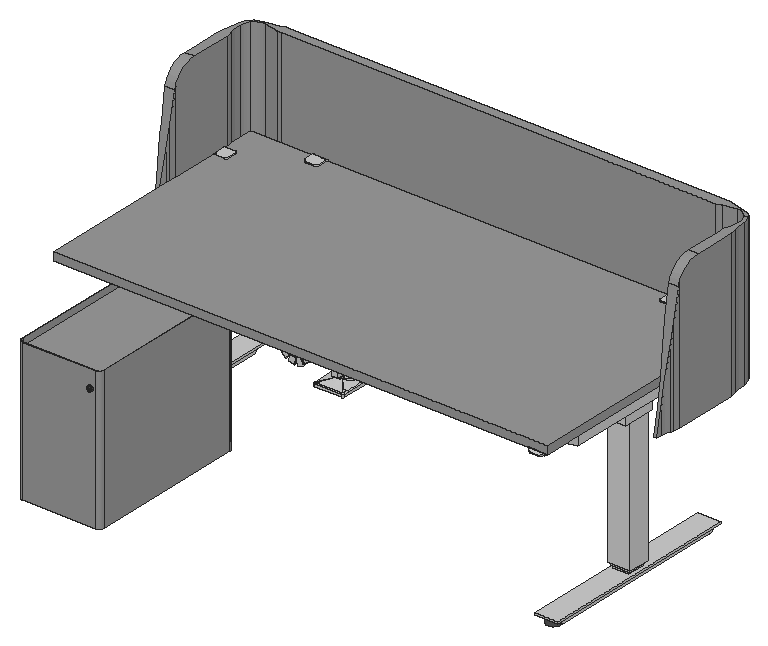
Revit family "Haworth_HiYa_MotorDriven_Rectangle_Desk_EU_PRELIMINARY", category Furniture Systems, Revit 2018 (continued)
Definition of nested family "Haworth_MobilePedestal_EU_PRELIMINARY"
  Automatic sketch dimensions
    Extrusion 22 sketch curve to Extrusion 22 sketch curve = 0.9281 cm
    Extrusion 22 sketch curve to plane 11 = 1.4156 cm
    Extrusion 22 sketch curve to Extrusion 22 sketch curve = 0.4034 cm
    Extrusion 22 sketch curve to plane 11 = 1.3981 cm
    Extrusion 22 sketch curve to Extrusion 22 sketch curve = 0.1686 cm
    Extrusion 22 sketch curve to Extrusion 22 sketch curve = 0.2094 cm
    Extrusion 22 sketch curve to Extrusion 22 sketch curve = 0.0076 cm
    Extrusion 23 sketch curve to plane 11 = 1.4071 cm
    Extrusion 23 sketch curve to plane 13 = 9.9862 cm
    Extrusion 24 sketch curve to plane 11 = 1.4071 cm
    Extrusion 24 sketch curve to plane 13 = 9.9862 cm
    level to Extrusion 25 sketch curve = 0.9929 cm
    Extrusion 25 sketch curve to plane 13 = 8.6116 cm
    Extrusion 25 sketch curve to Extrusion 25 sketch curve = 0.1304 cm
    Extrusion 25 sketch curve to Extrusion 25 sketch curve = 1.2352 cm
    Extrusion 25 sketch curve to Extrusion 25 sketch curve = 0.005 cm
    Extrusion 25 sketch curve to Extrusion 25 sketch curve = 0.9281 cm
    Extrusion 25 sketch curve to plane 11 = 1.4156 cm
    Extrusion 25 sketch curve to Extrusion 25 sketch curve = 0.4034 cm
    Extrusion 25 sketch curve to plane 11 = 1.3981 cm
    Extrusion 25 sketch curve to Extrusion 25 sketch curve = 0.1686 cm
    Extrusion 25 sketch curve to Extrusion 25 sketch curve = 0.0076 cm
    Extrusion 25 sketch curve to Extrusion 25 sketch curve = 0.2094 cm
    Extrusion 26 sketch curve to plane 8 "Left" = 0.365 cm
    Extrusion 26 sketch curve to plane 8 "Left" = 0.0848 cm
    Extrusion 26 sketch curve to plane 8 "Left" = 0.076 cm
    plane 8 "Left" to Extrusion 26 sketch curve = 0.2656 cm
    Extrusion 26 sketch curve to plane 12 = 1.5938 cm
    Extrusion 26 sketch curve to Extrusion 26 sketch curve = 0.0805 cm
    Extrusion 27 sketch curve to plane 8 "Left" = 0.365 cm
    Extrusion 27 sketch curve to plane 8 "Left" = 0.0848 cm
    Extrusion 27 sketch curve to plane 8 "Left" = 0.076 cm
    plane 8 "Left" to Extrusion 27 sketch curve = 0.2656 cm
    Extrusion 27 sketch curve to plane 12 = 1.5938 cm
    Extrusion 27 sketch curve to Extrusion 27 sketch curve = 0.0805 cm
    Masking region 1 sketch curve to plane 8 "Left" = 0 cm
    Masking region 1 sketch curve to plane 10 = 0 cm
    Masking region 1 sketch curve to plane 9 = 0 cm
    Masking region 1 sketch curve to plane 12 = 0 cm
    Masking region 1 sketch curve to plane 13 = 0 cm
    Masking region 1 sketch curve to plane 5 "Back" = 0 cm
    Masking region 1 sketch curve to plane 10 = 0.1262 cm
    Masking region 1 sketch curve to plane 9 = 0.0655 cm
    plane 12 to Masking region 1 sketch curve = 0.085 cm
    Masking region 1 sketch curve to plane 13 = 0.1195 cm
    Extrusion 28 sketch curve to plane 8 "Left" = 0.0007 cm
    plane 8 "Left" to Extrusion 28 sketch curve = 0.3066 cm
    plane 10 to Extrusion 28 sketch curve = 0.255 cm
    Extrusion 28 sketch curve to Extrusion 28 sketch curve = 0.0103 cm
    plane 6 "Front" to Extrusion 28 sketch curve = 0.0243 cm
    plane 9 to Extrusion 28 sketch curve = 0.2387 cm
    Extrusion 28 sketch curve to Extrusion 28 sketch curve = 0.1069 cm
    Extrusion 28 sketch curve to plane 7 "Right" = 0.2056 cm
    Extrusion 28 sketch curve to plane 7 "Right" = 0.0155 cm
    Extrusion 28 sketch curve to Extrusion 28 sketch curve = 0.3057 cm
    plane 6 "Front" to Extrusion 28 sketch curve = 1.65 cm  (x2)
    Extrusion 28 sketch curve to Extrusion 28 sketch curve = 0 cm
    radius of Extrusion 2 sketch curve = 0.7 cm
    radius of Extrusion 2 sketch curve = 0.6 cm
    radius of Extrusion 4 sketch curve = 1.5 cm
    radius of Extrusion 5 sketch curve = 1.5 cm
    radius of Extrusion 10 sketch curve = 0.8 cm  (x2)
    radius of Extrusion 14 sketch curve = 0.8 cm  (x2)
    radius of Extrusion 17 sketch curve = 1.5 cm
    radius of Extrusion 18 sketch curve = 1.5 cm
    radius of Extrusion 20 sketch curve = 1.5 cm
    radius of Extrusion 21 sketch curve = 1.5 cm
    radius of Extrusion 23 sketch curve = 1.5 cm
    radius of Extrusion 24 sketch curve = 1.5 cm
Definition of nested family "Haworth_ActiveComponents_SuspendedPedestal"
  Parameters (values of type "Open Box With Storage")
    Warranty = "http://www.haworth.com/resources/product-info/warranties"
    URL - Product = "http://www.haworth.com/products/workspaces/accessories/active-components"
    URL = "http://www.haworth.com/"
    Type Comments = ""
    Top Height = 5.08 cm  # constant formula
    Sustainability Info = "http://www.haworth.com/company-info/sustainablility"
    Size = "Verify Final Dim. w/ Haworth"  # constant formula
    Shelf Height = 1.27 cm  # constant formula
    Revision Number = "1"  # constant formula
    Panel Thickness = 0.1588 cm  # constant formula
    Open with Box Drawer = yes
    Open = no
    Mounted Height = 70.485 cm  # constant formula
    Model = "AHPD-1809-S"
    Manufacturer = "Haworth"  # constant formula
    Drawer Visibility = or(Open with Box Drawer, Box File)  # yes
    Drawer Height = if(Box File, 44.1325 cm, 7.62 cm)  # 7.62 cm
    Drawer Finish [instance] = none
    Description = "Haworth Active Components Suspended Pedestal - Open with Box Drawer"
    Case Finish [instance] = none
    Case Bottom Panel Finish [instance] = none
    Box File = not(or(Open with Box Drawer, Open))  # no
    Author = "Haworth (Hampton)"  # constant formula
    Assembly Code = "E2020200"
    Actual Width = 23.6538 cm  # constant formula
    Actual Height = 50.8 cm  # constant formula
    Actual Depth = 43.18 cm  # constant formula
  Types (3, lengths in cm): name | Open with Box Drawer | Open | Model | Drawer Visibility | Drawer Height | Description | Box File
    Open Box With Storage | yes | no | "AHPD-1809-S" | yes | 7.62 | "Haworth Active Components Suspended Pedestal - Open with Box Drawer" | no
    Open | no | yes | "AHPZ-1809-S" | no | 7.62 | "Haworth Active Components Suspended Pedestal - Open" | no
    Box File | no | no | "AHPA-1809-S" | yes | 44.1325 | "Haworth Active Components Suspended Pedestal - Box File" | yes
  Reference planes (cm)
    plane 1 "Back": y = -4.445
    plane 2: z = 0
    plane 3 "Center L/R": x = 0
    plane 4 "Left": x = -11.8269
    plane 5 "Right": x = 11.8269
    plane 6 "Back of Drawer": y = -45.72
    plane 7 "Front": y = -47.625
    plane 8 "Top": z = 70.485
    plane 9 "Bottom of Cabinet": z = 0
    plane 10 "Left Inside": x = -11.6681
    plane 11 "Right Inside": x = 11.6681
    plane 12: z = 19.685
    plane 13 "Back Inside": y = -4.6038
    plane 14: z = 65.405
    plane 15: z = 20.955
    plane 16: z = 57.785
    plane 17: y = -46.0375
    plane 18: y = -47.4663
    plane 19: y = -47.3075
    plane 20: y = -27.7317
    plane 21: y = -27.573
    plane 22: y = -6.3005
    plane 23: y = -6.1417
    plane 24: z = 70.3263
    plane 25: y = -24.7155
    plane 26: y = -9.158
    plane 27: z = 63.5
    plane 28: z = 63.3412
    plane 29: z = 57.9438
  Forms (cm)
    Extrusion 1, solid, material <- "Case Finish"
      sketch origin (0, 0, 0) x (1, 0, 0) y (0, 1, 0)
        loop
          line (-11.8269, -45.72) -> (-11.6681, -45.72) -> (-11.6681, -5.715)
          arc (-11.6681, -5.715) -> (-11.3426, -4.9292) -> (-10.5569, -4.6038) r 1.1113
          line (-10.5569, -4.6038) -> (10.5569, -4.6038)
          arc (10.5569, -4.6038) -> (11.3426, -4.9292) -> (11.6681, -5.715) r 1.1113
          line (11.6681, -5.715) -> (11.6681, -45.72) -> (11.8269, -45.72) -> (11.8269, -5.715)
          arc (11.8269, -5.715) -> (11.4549, -4.817) -> (10.5569, -4.445) r 1.27
          line (10.5569, -4.445) -> (-10.5569, -4.445)
          arc (-10.5569, -4.445) -> (-11.4549, -4.817) -> (-11.8269, -5.715) r 1.27
          line (-11.8269, -5.715) -> (-11.8269, -45.72)
      from 19.685 to 65.405
    Extrusion 2, solid, material <- "Case Bottom Panel Finish"
      sketch origin (0, 0, 0) x (1, 0, 0) y (0, 1, 0)
        loop
          arc (-10.5569, -4.6038) -> (-11.3426, -4.9292) -> (-11.6681, -5.715) r 1.1113
          line (-11.6681, -5.715) -> (-11.6681, -46.1963)
          arc (-11.6681, -46.1963) -> (-11.3426, -46.982) -> (-10.5569, -47.3075) r 1.1113
          line (-10.5569, -47.3075) -> (10.5569, -47.3075)
          arc (10.5569, -47.3075) -> (11.3426, -46.982) -> (11.6681, -46.1963) r 1.1113
          line (11.6681, -46.1963) -> (11.6681, -5.715)
          arc (11.6681, -5.715) -> (11.3426, -4.9292) -> (10.5569, -4.6038) r 1.1113
          line (10.5569, -4.6038) -> (-10.5569, -4.6038)
      from 19.685 to 20.955
    Extrusion 3, solid, material <- "Drawer Finish", visible <- "Drawer Visibility"
      sketch origin (0, 0, 0) x (1, 0, 0) y (0, 1, 0)
        loop
          line (-11.8269, -46.0375) -> (-11.8269, -46.355)
          arc (-11.8269, -46.355) -> (-11.4549, -47.253) -> (-10.5569, -47.625) r 1.27
          line (-10.5569, -47.625) -> (10.5569, -47.625)
          arc (10.5569, -47.625) -> (11.4549, -47.253) -> (11.8269, -46.355) r 1.27
          line (11.8269, -46.355) -> (11.8269, -46.0375) -> (11.6681, -46.0375) -> (11.6681, -46.355)
          arc (11.6681, -46.355) -> (11.3426, -47.1408) -> (10.5569, -47.4663) r 1.1113
          line (10.5569, -47.4663) -> (-10.5569, -47.4663)
          arc (-10.5569, -47.4663) -> (-11.3426, -47.1408) -> (-11.6681, -46.355) r 1.1113
          line (-11.6681, -46.355) -> (-11.6681, -46.0375) -> (-11.8269, -46.0375)
      from 57.785 to 65.405
    Extrusion 4, solid, material <- "Case Finish"
      sketch origin (0, 0, 0) x (0, 1, 0) y (0, 0, 1)
        loop
          line (-27.573, 63.5) -> (-27.573, 70.3263) -> (-24.7155, 70.3263) -> (-24.7155, 70.485) -> (-27.7317, 70.485) -> (-27.7317, 63.5) -> (-27.573, 63.5)
        loop
          line (-6.3005, 63.5) -> (-6.1417, 63.5) -> (-6.1417, 70.485) -> (-9.158, 70.485) -> (-9.158, 70.3263) -> (-6.3005, 70.3263) -> (-6.3005, 63.5)
      from -11.6681 to 11.6681
    Extrusion 5, solid, material <- "Case Finish", visible <- "Drawer Visibility"
      sketch origin (0, 0, 0) x (1, 0, 0) y (0, 1, 0)
        loop
          arc (-10.5569, -4.6038) -> (-11.3426, -4.9292) -> (-11.6681, -5.715) r 1.1113
          line (-11.6681, -5.715) -> (-11.6681, -46.1963)
          arc (-11.6681, -46.1963) -> (-11.3426, -46.982) -> (-10.5569, -47.3075) r 1.1113
          line (-10.5569, -47.3075) -> (10.5569, -47.3075)
          arc (10.5569, -47.3075) -> (11.3426, -46.982) -> (11.6681, -46.1963) r 1.1113
          line (11.6681, -46.1963) -> (11.6681, -5.715)
          arc (11.6681, -5.715) -> (11.3426, -4.9292) -> (10.5569, -4.6038) r 1.1113
          line (10.5569, -4.6038) -> (-10.5569, -4.6038)
      from 57.785 to 57.9438
    Extrusion 6, solid, material <- "Case Finish"
      sketch origin (0, 0, 0) x (1, 0, 0) y (0, 1, 0)
        loop
          arc (-10.5569, -4.6038) -> (-11.3426, -4.9292) -> (-11.6681, -5.715) r 1.1113
          line (-11.6681, -5.715) -> (-11.6681, -46.1963)
          arc (-11.6681, -46.1963) -> (-11.3426, -46.982) -> (-10.5569, -47.3075) r 1.1113
          line (-10.5569, -47.3075) -> (10.5569, -47.3075)
          arc (10.5569, -47.3075) -> (11.3426, -46.982) -> (11.6681, -46.1963) r 1.1113
          line (11.6681, -46.1963) -> (11.6681, -5.715)
          arc (11.6681, -5.715) -> (11.3426, -4.9292) -> (10.5569, -4.6038) r 1.1113
          line (10.5569, -4.6038) -> (-10.5569, -4.6038)
      from 63.3412 to 63.5
  Lines and regions (cm)
    Masking region 1
      outline origin (0, 0, 0) x (1, 0, 0) y (0, 1, 0)
        loop
          arc (-10.5569, -4.445) -> (-11.4549, -4.817) -> (-11.8269, -5.715) r 1.27
          line (-11.8269, -5.715) -> (-11.8269, -46.355)
          arc (-11.8269, -46.355) -> (-11.4549, -47.253) -> (-10.5569, -47.625) r 1.27
          line (-10.5569, -47.625) -> (10.5569, -47.625)
          arc (10.5569, -47.625) -> (11.4549, -47.253) -> (11.8269, -46.355) r 1.27
          line (11.8269, -46.355) -> (11.8269, -5.715)
          arc (11.8269, -5.715) -> (11.4549, -4.817) -> (10.5569, -4.445) r 1.27
          line (10.5569, -4.445) -> (-10.5569, -4.445)
    symbolic lines, visible <- "Drawer Visibility", detail levels fine
      curve 1: line (-10.5569, -50.165, 0) -> (10.3981, -50.165, 0)
    symbolic lines, detail levels fine
      curve 2: line (-11.8269, -46.0375, 0) -> (11.8269, -46.0375, 0)
  Dimensions and locks (cm)
    "Actual Width": plane 4 "Left" to plane 5 "Right"
    equal spacing: plane 4 "Left", plane 3 "Center L/R", plane 5 "Right"
    "Mounted Height": plane 8 "Top" to level
    "Panel Thickness": plane 10 "Left Inside" to plane 4 "Left"
    "Panel Thickness": plane 5 "Right" to plane 11 "Right Inside"
    "Actual Depth": plane 1 "Back" to plane 7 "Front"
    "Actual Height": plane 8 "Top" to plane 12
    "Panel Thickness": plane 13 "Back Inside" to plane 1 "Back"
    "Top Height": plane 8 "Top" to plane 14
    "Drawer Height": plane 14 to plane 16
    "Panel Thickness": plane 18 to plane 7 "Front"
    "Panel Thickness": plane 19 to plane 18
    aligned and locked: level to plane 2
    aligned and locked: plane 9 "Bottom of Cabinet" to level
    aligned and locked: plane 14 to Extrusion 1
    aligned and locked: plane 19 to Extrusion 2 sketch curve
    aligned and locked: plane 10 "Left Inside" to Extrusion 2 sketch curve
    aligned and locked: Extrusion 2 sketch curve to plane 11 "Right Inside"
    aligned and locked: Extrusion 2 sketch curve to plane 13 "Back Inside"
    aligned and locked: plane 15 to Extrusion 2
    aligned and locked: plane 14 to Extrusion 3
    aligned and locked: Extrusion 3 to plane 16
    aligned and locked: Extrusion 4 to plane 10 "Left Inside"
    aligned and locked: Extrusion 6 to plane 27
    aligned and locked: plane 28 to Extrusion 6
    aligned and locked: plane 29 to Extrusion 5
    aligned and locked: Extrusion 5 to plane 16
    aligned and locked: Extrusion 2 to plane 15
    aligned and locked: Extrusion 2 to plane 12
  Automatic sketch dimensions
    Extrusion 1 sketch curve to Extrusion 1 sketch curve = 0 cm  (x4)
    Extrusion 1 sketch curve to plane 4 "Left" = 0 cm
    Extrusion 1 sketch curve to plane 6 "Back of Drawer" = 0 cm  (x2)
    Extrusion 1 sketch curve to plane 10 "Left Inside" = 0 cm
    plane 1 "Back" to Extrusion 1 sketch curve = 0 cm
    Extrusion 1 sketch curve to plane 11 "Right Inside" = 0 cm
    plane 10 "Left Inside" to Extrusion 1 sketch curve = 1.1112 cm
    Extrusion 1 sketch curve to plane 23 = 0.4267 cm
    plane 10 "Left Inside" to Extrusion 2 sketch curve = 1.1112 cm
    Extrusion 2 sketch curve to plane 23 = 0.4267 cm
    Extrusion 2 sketch curve to plane 11 "Right Inside" = 1.1112 cm
    Extrusion 2 sketch curve to plane 17 = 0.1587 cm
    Extrusion 3 sketch curve to Extrusion 3 sketch curve = 0 cm  (x4)
    Extrusion 3 sketch curve to plane 4 "Left" = 0 cm
    Extrusion 3 sketch curve to plane 10 "Left Inside" = 0 cm
    Extrusion 3 sketch curve to plane 7 "Front" = 0 cm
    Extrusion 3 sketch curve to plane 11 "Right Inside" = 0 cm
    Extrusion 3 sketch curve to plane 17 = 0 cm  (x2)
    Extrusion 3 sketch curve to plane 17 = 0.3175 cm
    Extrusion 3 sketch curve to plane 11 "Right Inside" = 1.1112 cm
    Extrusion 4 sketch curve to plane 20 = 0 cm
    Extrusion 4 sketch curve to plane 21 = 0 cm
    Extrusion 4 sketch curve to plane 24 = 0 cm  (x2)
    Extrusion 4 sketch curve to plane 25 = 0 cm
    Extrusion 4 sketch curve to plane 8 "Top" = 0 cm  (x2)
    Extrusion 4 sketch curve to plane 26 = 0 cm
    Extrusion 4 sketch curve to plane 22 = 0 cm
    Extrusion 4 sketch curve to plane 23 = 0 cm
    plane 27 to Extrusion 4 sketch curve = 0 cm  (x2)
    Extrusion 5 sketch curve to plane 19 = 0 cm
    Extrusion 5 sketch curve to plane 13 "Back Inside" = 0 cm
    Extrusion 5 sketch curve to plane 17 = 0.1588 cm
    Extrusion 5 sketch curve to plane 3 "Center L/R" = 11.6681 cm
    Extrusion 5 sketch curve to plane 23 = 0.4267 cm
    plane 5 "Right" to Extrusion 5 sketch curve = 1.27 cm  (x2)
    Extrusion 5 sketch curve to plane 17 = 0.1587 cm
    Extrusion 6 sketch curve to plane 19 = 0 cm
    Extrusion 6 sketch curve to plane 13 "Back Inside" = 0 cm
    Extrusion 6 sketch curve to plane 17 = 0.1588 cm
    plane 5 "Right" to Extrusion 6 sketch curve = 23.495 cm
    Extrusion 6 sketch curve to plane 23 = 0.4267 cm
    Extrusion 6 sketch curve to Extrusion 6 sketch curve = 21.1137 cm  (x2)
    Extrusion 6 sketch curve to plane 17 = 0.1587 cm
    Masking region 1 sketch curve to plane 4 "Left" = 0 cm
    plane 1 "Back" to Masking region 1 sketch curve = 0 cm
    Masking region 1 sketch curve to plane 7 "Front" = 0 cm
    Masking region 1 sketch curve to plane 5 "Right" = 0 cm
    plane 10 "Left Inside" to Masking region 1 sketch curve = 1.1112 cm
    Masking region 1 sketch curve to plane 23 = 0.4267 cm  (x2)
    Masking region 1 sketch curve to plane 11 "Right Inside" = 1.1112 cm
    curve 2 to plane 4 "Left" = 0 cm
    curve 2 to plane 5 "Right" = 0 cm
    curve 2 to plane 17 = 0 cm
    plane 10 "Left Inside" to curve 1 = 1.1112 cm
    curve 1 to plane 11 "Right Inside" = 1.27 cm
    curve 1 to plane 7 "Front" = 2.54 cm
Definition of nested family "Haworth_BuzziWrap_DeskFull_53h_LIMITED"
  Parameters (values of type "BuzziWrap - Desk Full")
    Warranty = "http://www.haworth.com/resources/product-info/warranties"
    Upholstery Finish [instance] = none
    URL - Product = "https://www.haworth.com/eu/en/products/desk-dividers/buzziwrap.html"
    URL = "https://www.haworth.com/eu/en.html"
    Trim Finish = none
    Size = "Verify Final Dim. w/ Haworth"  # constant formula
    Revision Number = "1"  # constant formula
    Model = "P0181-FELT.1"  # constant formula
    Manufacturer = "Haworth"  # constant formula
    Description = "Haworth - BuzziWrap - Desk Full"  # constant formula
    Author = "Haworth (Abd Rahman)"  # constant formula
    Assembly Code = "E2020200"
    Actual Width = 180 cm
    Actual Mounting Height = 75.2475 cm  # constant formula
    Actual Height = 53 cm
    Actual Depth = 37.4948 cm
  Reference planes (cm)
    plane 1 "Center F/B": y = -12.5512
    plane 2: z = 0
    plane 3 "Back": y = 6.1962
    plane 4 "Front": y = -31.2986
    plane 5 "Bottom": z = 75.2475
    plane 6: x = 57.0494
    plane 7: z = 128.2475
    plane 8: x = -32.9506
    plane 9: x = 147.0494
    plane 10: x = -6.852
    plane 11: x = 120.7007
    plane 12: x = -33.852
    plane 13: x = 147.7007
    plane 14: z = 76.7475
    plane 15: x = -32.0398
    plane 16: x = 145.9041
  Dimensions and locks (cm)
    "Actual Depth": plane 4 "Front" to plane 3 "Back"
    equal spacing: plane 4 "Front", plane 1 "Center F/B", plane 3 "Back"
    "Actual Height": plane 7 to plane 5 "Bottom"
    "Actual Mounting Height": plane 5 "Bottom" to plane 2
    "Actual Width": plane 8 to plane 9
    equal spacing: plane 8, plane 6, plane 9
    locked: plane 12 to plane 8 at 0.9014
    locked: plane 9 to plane 13 at 0.6514
    locked: plane 14 to plane 5 "Bottom" at 1.5
    plane 12 to plane 15 to plane 10 = 1.8122 cm locked, 25.1878 cm
    plane 11 to plane 16 to plane 13 = 25.2034 cm locked, 1.7966 cm locked
    aligned and locked: nested 2 to plane 6
    aligned and locked: nested 1 to plane 10
    aligned and locked: plane 11 to nested 4
    aligned and locked: nested 3 to plane 12
    aligned and locked: plane 13 to nested 5
    aligned and locked: plane 1 "Center F/B" to nested 6
    aligned and locked: plane 14 to nested 4
    aligned and locked: plane 14 to nested 7
    aligned and locked: nested 1 to plane 14
    aligned and locked: nested 6 to plane 14
    aligned and locked: plane 3 "Back" to nested 2
    aligned and locked: nested 1 to nested 2
    aligned and locked: nested 2 to nested 4
    aligned and locked: plane 16 to nested 7
    aligned and locked: nested 6 to plane 15
  Nested families (cm)
    nested 1: "Haworth_BuzziWrap_DeskFull_FixingKit_PART" at (-109.7462, -0.004, 0), Trim Finish <- "Trim Finish", type "Fixing Kit"
      with Trim Finish none
    nested 2: "Haworth_BuzziWrap_DeskFull_Middle_PART" at (-10, 0, 0), Upholstery Finish <- "Upholstery Finish", type "Middle Side"
      with Upholstery Finish none, Actual Width 180 cm, Actual Height 53 cm
    nested 3: "Haworth_BuzziWrap_DeskFull_Side_PART" at (-9.9972, 0.0006, 0), Upholstery Finish <- "Upholstery Finish", type "Side"
      with Upholstery Finish none, Actual Height 53 cm
    nested 4: "Haworth_BuzziWrap_DeskFull_FixingKit_PART" at (223.5949, -0.004, 0) x (-1, 0, 0) z (0, 0, 1), Trim Finish <- "Trim Finish", type "Fixing Kit"
      with Trim Finish none
    nested 5: "Haworth_BuzziWrap_DeskFull_Side_PART" at (123.8459, 0.0006, 0) x (-1, 0, 0) z (0, 0, 1), Upholstery Finish <- "Upholstery Finish", type "Side"
      with Upholstery Finish none, Actual Height 53 cm
    nested 6: "Haworth_BuzziWrap_DeskFull_FixingKit_PART" at (-29.4233, -115.4454, 0) x (0, 1, 0) z (0, 0, 1), Trim Finish <- "Trim Finish", type "Fixing Kit"
      with Trim Finish none
    nested 7: "Haworth_BuzziWrap_DeskFull_FixingKit_PART" at (143.2877, -115.4715, 0) x (0, 1, 0) z (0, 0, 1), Trim Finish <- "Trim Finish", type "Fixing Kit"
      with Trim Finish none
  Definition of nested family "Haworth_BuzziWrap_DeskFull_FixingKit_PART"
    Parameters (values of type "Fixing Kit")
      Warranty = "http://www.haworth.com/resources/product-info/warranties"
      URL - Product = "https://www.haworth.com/eu/en/products/desk-dividers/buzziwrap.html"
      URL = "https://www.haworth.com/eu/en.html"
      Trim Finish [instance] = none
      Size = "Verify Final Dim. w/ Haworth"  # constant formula
      Revision Number = "1"  # constant formula
      Model = "Haworth - BuzziWrap"  # constant formula
      Manufacturer = "Haworth"  # constant formula
      Description = "Haworth - BuzziWrap - Desk Full - Fixing Kit - PART"  # constant formula
      Author = "Haworth (Abd Rahman)"  # constant formula
      Assembly Code = "E2020200"
      Actual Width = 5 cm  # constant formula
      Actual Mounting Height = 75.2475 cm  # constant formula
      Actual Height = 16.3 cm  # constant formula
      Actual Depth = 5 cm  # constant formula
    Reference planes (cm)
      plane 1: z = 0
      plane 2: z = 93.0475
      plane 3: x = 105.3942
      plane 4: x = 100.3942
      plane 5: y = 2.6164
      plane 6: y = -2.3841
      plane 7: y = 0.1162
      plane 8: x = 102.8942
      plane 9: z = 76.7475
    Forms (cm)
      Extrusion 1, solid, material <- "Trim Finish"
        sketch origin (137.0494, 0, 0) x (0, -1, 0) y (0, 0, 1)
          loop
            line (2.3841, 93.0475) -> (-2.3149, 93.0475)
            arc (-2.3149, 93.0475) -> (-2.5281, 92.9592) -> (-2.6164, 92.7459) r 0.3016
            line (-2.6164, 92.7459) -> (-2.6164, 76.7475) -> (-2.3159, 76.7475) -> (-2.3159, 88.6475) -> (2.3841, 88.6475) -> (2.3841, 88.9475) -> (-2.3159, 88.9475) -> (-2.3159, 92.7475) -> (2.3841, 92.7475) -> (2.3841, 93.0475)
        from 31.6552 to 36.6552
      Extrusion 2, void
        sketch origin (0, -18.8119, 0) x (1, 0, 0) y (0, 0, 1)
          loop
            arc (105.3942, 77.7465) -> (105.1016, 77.0401) -> (104.3952, 76.7475) r 0.999
            line (104.3952, 76.7475) -> (104.3952, 76.5909) -> (105.6392, 76.5909) -> (105.6392, 77.7465) -> (105.3942, 77.7465)
          loop
            line (100.3942, 77.7465) -> (100.1492, 77.7465) -> (100.1492, 76.5909) -> (101.3932, 76.5909) -> (101.3932, 76.7475)
            arc (101.3932, 76.7475) -> (100.6868, 77.0401) -> (100.3942, 77.7465) r 0.999
        from -31.9618 to -17.0778
      Extrusion 3, void
        sketch origin (0, 0, 0) x (1, 0, 0) y (0, 1, 0)
          loop
            line (104.4022, -2.3841) -> (104.4022, -2.6625) -> (105.8942, -2.6625) -> (105.8942, -1.3921) -> (105.3942, -1.3921)
            arc (105.3942, -1.3921) -> (105.1036, -2.0935) -> (104.4022, -2.3841) r 0.992
          loop
            arc (101.3862, -2.3841) -> (100.6847, -2.0935) -> (100.3942, -1.3921) r 0.992
            line (100.3942, -1.3921) -> (99.8942, -1.3921) -> (99.8942, -2.6625) -> (101.3862, -2.6625) -> (101.3862, -2.3841)
        from 72.4 to 103.7466
    Cuts and joins
      Extrusion 2, Extrusion 3 cuts Extrusion 1
    Lines and regions (cm)
      Masking region 1
        outline origin (0, 0, 0) x (1, 0, 0) y (0, 1, 0)
          loop
            line (100.3942, 2.6164) -> (100.3942, -1.3921)
            arc (100.3942, -1.3921) -> (100.6847, -2.0935) -> (101.3862, -2.3841) r 0.992
            line (101.3862, -2.3841) -> (104.4022, -2.3841)
            arc (104.4022, -2.3841) -> (105.1036, -2.0935) -> (105.3942, -1.3921) r 0.992
            line (105.3942, -1.3921) -> (105.3942, 2.6164) -> (100.3942, 2.6164)
    Dimensions and locks (cm)
      equal spacing: plane 6, plane 7, plane 5
      plane 6 to plane 5 = 5.0005 cm
      equal spacing: plane 4, plane 8, plane 3
      plane 4 to plane 3 = 5 cm
      "Actual Height": plane 2 to plane 9
      aligned and locked: plane 2 to cut or joined group of Extrusion 1, Extrusion 2, Extrusion 3
    Automatic sketch dimensions
      Extrusion 1 sketch curve to Extrusion 1 sketch curve = 0.3005 cm
      Extrusion 1 sketch curve to Extrusion 1 sketch curve = 0 cm  (x2)
      Extrusion 1 sketch curve to Extrusion 1 sketch curve = 0.0011 cm
      Extrusion 1 sketch curve to Extrusion 1 sketch curve = 4.7 cm
      Extrusion 1 sketch curve to Extrusion 1 sketch curve = 0.3 cm  (x2)
      Extrusion 1 sketch curve to Extrusion 1 sketch curve = 3.7984 cm
      Extrusion 2 sketch curve to Extrusion 2 sketch curve = 0.245 cm  (x2)
      Extrusion 2 sketch curve to Extrusion 2 sketch curve = 1.244 cm
      Extrusion 2 sketch curve to Extrusion 2 sketch curve = 3.0019 cm
      Extrusion 2 sketch curve to Extrusion 2 sketch curve = 0.999 cm
      Extrusion 2 sketch curve to Extrusion 2 sketch curve = 0.1566 cm  (x2)
      Extrusion 3 sketch curve to Extrusion 3 sketch curve = 0.5 cm  (x2)
      Extrusion 3 sketch curve to Extrusion 3 sketch curve = 1.492 cm
      Extrusion 3 sketch curve to Extrusion 3 sketch curve = 3.016 cm
      Extrusion 3 sketch curve to Extrusion 3 sketch curve = 0.992 cm
      Extrusion 3 sketch curve to Extrusion 3 sketch curve = 0.2784 cm  (x2)
      Extrusion 3 sketch curve to Extrusion 3 sketch curve = 1.2704 cm
      Masking region 1 sketch curve to plane 4 = 0 cm
      plane 6 to Masking region 1 sketch curve = 0 cm
      Masking region 1 sketch curve to plane 3 = 0 cm
      Masking region 1 sketch curve to plane 4 = 0.992 cm
      plane 3 to Masking region 1 sketch curve = 0.992 cm
      plane 5 to Masking region 1 sketch curve = 0 cm
      Extrusion 1 sketch curve to plane 5 = 0 cm
      Extrusion 1 sketch curve to plane 2 = 0 cm
      Extrusion 1 sketch curve to Extrusion 1 sketch curve = 11.9 cm
      plane 4 to Extrusion 2 sketch curve = 0 cm
      Extrusion 2 sketch curve to plane 2 = 16.4566 cm
      Extrusion 2 sketch curve to Extrusion 2 sketch curve = 0 cm
  Definition of nested family "Haworth_BuzziWrap_DeskFull_Middle_PART"
    Parameters (values of type "Middle Side")
      Warranty = "http://www.haworth.com/resources/product-info/warranties"
      Upholstery Finish [instance] = none
      URL - Product = "https://www.haworth.com/eu/en/products/desk-dividers/buzziwrap.html"
      URL = "https://www.haworth.com/eu/en.html"
      Size = "Verify Final Dim. w/ Haworth"  # constant formula
      Revision Number = "1"  # constant formula
      Model = "Haworth - BuzziWrap"  # constant formula
      Manufacturer = "Haworth"  # constant formula
      Description = "Haworth - BuzziWrap - Desk Full - Middle - PART"  # constant formula
      Author = "Haworth (Abd Rahman)"  # constant formula
      Assembly Code = "E2020200"
      Actual Width = 162 cm
      Actual Mounting Height = 75.2475 cm  # constant formula
      Actual Height = 35 cm
      Actual Depth = 4 cm
    Reference planes (cm)
      plane 1: z = 0
      plane 2 "Back": y = 6.1962
      plane 3 "Bottom": z = 75.2475
      plane 4: z = 110.2475
      plane 5: x = -22.9506
      plane 6: y = 2.1962
      plane 7: y = 4.1962
      plane 8: x = 139.0494
      plane 9: x = 58.0494
    Forms (cm)
      Extrusion 1, solid, material <- "Upholstery Finish"
        sketch origin (0, 0, 0) x (1, 0, 0) y (0, 1, 0)
          loop
            arc (-11.1674, 6.1962) -> (-12.2232, 6.1151) -> (-13.2591, 5.8954) r 8.0112
            arc (-13.2591, 5.8954) -> (-15.6064, 5.3512) -> (-17.9945, 5.0309) r 25.5021
            arc (-17.9945, 5.0309) -> (-20.801, 4.2545) -> (-23.1407, 2.521) r 7.9634
            line (-23.1407, 2.521) -> (-22.1332, 1.942)
            arc (-22.1332, 1.942) -> (-20.2974, 3.384) -> (-17.9945, 3.7664) r 4.7063
            arc (-17.9945, 3.7664) -> (-15.6064, 3.4462) -> (-13.2591, 2.902) r 25.5021
            arc (-13.2591, 2.902) -> (-12.2232, 2.6852) -> (-11.1674, 2.6124) r 7.7004
            line (-11.1674, 2.6124) -> (127.0161, 2.6124)
            arc (127.0161, 2.6124) -> (128.0719, 2.6852) -> (129.1078, 2.902) r 7.7004
            arc (129.1078, 2.902) -> (131.4551, 3.4462) -> (133.8432, 3.7664) r 25.5021
            arc (133.8432, 3.7664) -> (136.1461, 3.384) -> (137.9819, 1.942) r 4.7063
            line (137.9819, 1.942) -> (138.9894, 2.521)
            arc (138.9894, 2.521) -> (136.6497, 4.2545) -> (133.8432, 5.0309) r 7.9634
            arc (133.8432, 5.0309) -> (131.4551, 5.3512) -> (129.1078, 5.8954) r 25.5021
            arc (129.1078, 5.8954) -> (128.0719, 6.1151) -> (127.0161, 6.1962) r 8.0112
            line (127.0161, 6.1962) -> (-11.1674, 6.1962)
        from 75.2475 to 110.2475
    Lines and regions (cm)
      Masking region 1
        outline origin (0, 0, 0) x (1, 0, 0) y (0, 1, 0)
          loop
            line (127.0161, 6.1962) -> (-11.1674, 6.1962)
            arc (-11.1674, 6.1962) -> (-12.2232, 6.1151) -> (-13.2591, 5.8954) r 8.0112
            arc (-13.2591, 5.8954) -> (-15.6064, 5.3512) -> (-17.9945, 5.0309) r 25.5021
            arc (-17.9945, 5.0309) -> (-20.801, 4.2545) -> (-23.1407, 2.521) r 7.9634
            line (-23.1407, 2.521) -> (-22.1332, 1.942)
            arc (-22.1332, 1.942) -> (-20.2974, 3.384) -> (-17.9945, 3.7664) r 4.7063
            arc (-17.9945, 3.7664) -> (-15.6064, 3.4462) -> (-13.2591, 2.902) r 25.5021
            arc (-13.2591, 2.902) -> (-12.2232, 2.6852) -> (-11.1674, 2.6124) r 7.7004
            line (-11.1674, 2.6124) -> (127.0161, 2.6124)
            arc (127.0161, 2.6124) -> (128.0719, 2.6852) -> (129.1078, 2.902) r 7.7004
            arc (129.1078, 2.902) -> (131.4551, 3.4462) -> (133.8432, 3.7664) r 25.5021
            arc (133.8432, 3.7664) -> (136.1461, 3.384) -> (137.9819, 1.942) r 4.7063
            line (137.9819, 1.942) -> (138.9894, 2.521)
            arc (138.9894, 2.521) -> (136.6497, 4.2545) -> (133.8432, 5.0309) r 7.9634
            arc (133.8432, 5.0309) -> (131.4551, 5.3512) -> (129.1078, 5.8954) r 25.5021
            arc (129.1078, 5.8954) -> (128.0719, 6.1151) -> (127.0161, 6.1962) r 8.0112
    Dimensions and locks (cm)
      "Actual Height": plane 4 to plane 3 "Bottom"
      "Actual Mounting Height": plane 3 "Bottom" to plane 1
      equal spacing: plane 2 "Back", plane 7, plane 6
      "Actual Depth": plane 2 "Back" to plane 6
      equal spacing: plane 5, plane 9, plane 8
      "Actual Width": plane 5 to plane 8
      aligned and locked: Extrusion 1 to plane 4  (x2)
      aligned and locked: Extrusion 1 to plane 3 "Bottom"
      aligned and locked: plane 3 "Bottom" to Extrusion 1
    Automatic sketch dimensions
      Extrusion 1 sketch curve to plane 2 "Back" = 0 cm
      plane 5 to Extrusion 1 sketch curve = 0.1901 cm
      Extrusion 1 sketch curve to plane 5 = 0.8174 cm
      Extrusion 1 sketch curve to plane 5 = 2.7643 cm  (x2)
      Extrusion 1 sketch curve to plane 5 = 4.5517 cm
      Extrusion 1 sketch curve to Extrusion 1 sketch curve = 1.0889 cm  (x2)
      Extrusion 1 sketch curve to plane 2 "Back" = 3.5838 cm
      Extrusion 1 sketch curve to Extrusion 1 sketch curve = 0.0844 cm  (x2)
      Extrusion 1 sketch curve to Extrusion 1 sketch curve = 0 cm  (x6)
      Extrusion 1 sketch curve to Extrusion 1 sketch curve = 1.0075 cm
      Extrusion 1 sketch curve to plane 2 "Back" = 3.6752 cm  (x2)
      Extrusion 1 sketch curve to Extrusion 1 sketch curve = 0.579 cm  (x2)
      Extrusion 1 sketch curve to Extrusion 1 sketch curve = 2.8644 cm
      Extrusion 1 sketch curve to Extrusion 1 sketch curve = 4.427 cm  (x2)
      Extrusion 1 sketch curve to Extrusion 1 sketch curve = 1.9806 cm  (x2)
      Extrusion 1 sketch curve to Extrusion 1 sketch curve = 4.1166 cm
      plane 2 "Back" to Extrusion 1 sketch curve = 4.1166 cm
      Extrusion 1 sketch curve to Extrusion 1 sketch curve = 20.1258 cm
      Extrusion 1 sketch curve to plane 2 "Back" = 0.3008 cm
      Extrusion 1 sketch curve to Extrusion 1 sketch curve = 2.0917 cm
      Extrusion 1 sketch curve to Extrusion 1 sketch curve = 1.0885 cm
      Extrusion 1 sketch curve to Extrusion 1 sketch curve = 18.7383 cm  (x2)
      Extrusion 1 sketch curve to Extrusion 1 sketch curve = 6.2271 cm
      Extrusion 1 sketch curve to Extrusion 1 sketch curve = 2.8763 cm
      Extrusion 1 sketch curve to Extrusion 1 sketch curve = 9.0189 cm
      Extrusion 1 sketch curve to Extrusion 1 sketch curve = 4.1387 cm
      Extrusion 1 sketch curve to plane 8 = 12.1176 cm
      Masking region 1 sketch curve to plane 2 "Back" = 0 cm
      plane 5 to Masking region 1 sketch curve = 0.1901 cm
      plane 6 to Masking region 1 sketch curve = 0.2542 cm  (x2)
      Masking region 1 sketch curve to plane 5 = 0.8174 cm
      Masking region 1 sketch curve to plane 5 = 2.7643 cm  (x2)
      plane 6 to Masking region 1 sketch curve = 3.1186 cm
      Masking region 1 sketch curve to plane 5 = 4.5517 cm
      Masking region 1 sketch curve to Masking region 1 sketch curve = 1.0889 cm  (x2)
      Masking region 1 sketch curve to plane 6 = 0.4162 cm
      Masking region 1 sketch curve to Masking region 1 sketch curve = 7.2316 cm
      Masking region 1 sketch curve to Masking region 1 sketch curve = 0 cm  (x6)
      Masking region 1 sketch curve to Masking region 1 sketch curve = 0.0844 cm
      plane 6 to Masking region 1 sketch curve = 4.0108 cm  (x2)
      Masking region 1 sketch curve to plane 8 = 12.1176 cm
      plane 2 "Back" to Masking region 1 sketch curve = 4.1166 cm  (x2)
      Masking region 1 sketch curve to plane 8 = 12.0332 cm
      Masking region 1 sketch curve to plane 8 = 5.8906 cm
      Masking region 1 sketch curve to plane 8 = 3.0143 cm  (x2)
      Masking region 1 sketch curve to plane 8 = 1.0674 cm
      Masking region 1 sketch curve to plane 8 = 0.0599 cm
      plane 6 to Masking region 1 sketch curve = 5.0992 cm
      Masking region 1 sketch curve to Masking region 1 sketch curve = 1.9806 cm  (x2)
      Masking region 1 sketch curve to Masking region 1 sketch curve = 18.7383 cm  (x2)
      Masking region 1 sketch curve to plane 6 = 0.3248 cm  (x2)
      Masking region 1 sketch curve to Masking region 1 sketch curve = 20.1258 cm  (x2)
  Definition of nested family "Haworth_BuzziWrap_DeskFull_Side_PART"
    Parameters (values of type "Side")
      Warranty = "http://www.haworth.com/resources/product-info/warranties"
      Upholstery Finish [instance] = none
      URL - Product = "https://www.haworth.com/eu/en/products/desk-dividers/buzziwrap.html"
      URL = "https://www.haworth.com/eu/en.html"
      Size = "Verify Final Dim. w/ Haworth"  # constant formula
      Revision Number = "1"  # constant formula
      Model = "Haworth - BuzziWrap"  # constant formula
      Manufacturer = "Haworth"  # constant formula
      Description = "Haworth - BuzziWrap - Desk Full - Side - PART"  # constant formula
      Author = "Haworth (Abd Rahman)"  # constant formula
      Assembly Code = "E2020200"
      Actual Width = 5 cm  # constant formula
      Actual Mounting Height = 75.2475 cm  # constant formula
      Actual Height = 35 cm
      Actual Depth = 44 cm  # constant formula
    Reference planes (cm)
      plane 1: z = 0
      plane 2 "Bottom": z = 75.2475
      plane 3: z = 110.2475
      plane 4: x = -23.8548
      plane 5: y = -19.0844
      plane 6: y = 2.9156
      plane 7: y = -41.0844
      plane 8: x = -21.3548
      plane 9: x = -26.3548
    Forms (cm)
      Extrusion 1, solid, material <- "Upholstery Finish"
        sketch origin (0, 0, 0) x (1, 0, 0) y (0, 1, 0)
          loop
            line (-22.1332, 1.942) -> (-23.1407, 2.521)
            arc (-23.1407, 2.521) -> (-24.1028, 0.7058) -> (-24.4538, -1.3183) r 6.5351
            arc (-24.4538, -1.3183) -> (-24.6897, -3.8153) -> (-25.322, -6.2423) r 15.6286
            arc (-25.322, -6.2423) -> (-25.6022, -7.4724) -> (-25.6038, -8.7341) r 5.6797
            arc (-25.6038, -8.7341) -> (-25.6734, -20.1688) -> (-25.6038, -31.6036) r 938.8366
            arc (-25.6038, -31.6036) -> (-25.5444, -32.9522) -> (-25.3993, -34.2942) r 21.1999
            arc (-25.3993, -34.2942) -> (-25.256, -35.0315) -> (-25.0364, -35.7497) r 7.1698
            arc (-25.0364, -35.7497) -> (-24.6006, -37.3759) -> (-24.4538, -39.053) r 9.6563
            line (-24.4538, -39.053) -> (-24.4538, -40.6366) -> (-23.2558, -40.6366) -> (-23.2558, -39.053)
            arc (-23.2558, -39.053) -> (-23.109, -37.3759) -> (-22.6732, -35.7497) r 9.6563
            arc (-22.6732, -35.7497) -> (-22.4536, -35.0315) -> (-22.3103, -34.2942) r 7.1698
            arc (-22.3103, -34.2942) -> (-22.1652, -32.9522) -> (-22.1058, -31.6036) r 21.1999
            arc (-22.1058, -31.6036) -> (-22.0362, -20.1688) -> (-22.1058, -8.7341) r 938.8366
            arc (-22.1058, -8.7341) -> (-22.1075, -7.4724) -> (-22.3876, -6.2423) r 5.6797
            arc (-22.3876, -6.2423) -> (-23.0199, -3.8153) -> (-23.2558, -1.3183) r 15.6286
            arc (-23.2558, -1.3183) -> (-22.9789, 0.4098) -> (-22.1332, 1.942) r 5.0909
        from 75.2475 to 110.2475
      Extrusion 2, void
        sketch origin (137.0494, 0, 0) x (0, -1, 0) y (0, 0, 1)
          loop
            line (40.6336, 75.2475) -> (50.6336, 75.2475) -> (50.6336, 119.2475) -> (18.8119, 119.2475) -> (18.8119, 110.2475) -> (23.2562, 110.2475)
            arc (23.2562, 110.2475) -> (28.9507, 108.3516) -> (32.3723, 103.4206) r 9.5
            line (32.3723, 103.4206) -> (40.6336, 75.2475)
        from 133.0976 to 191.3265
    Cuts and joins
      Extrusion 2 cuts Extrusion 1
    Lines and regions (cm)
      Masking region 1
        outline origin (0, 0, 0) x (1, 0, 0) y (0, 1, 0)
          loop
            spline (-22.3099, -34.2921) -> (-22.2798, -34.0692) -> (-22.2521, -33.8462) -> (-22.2268, -33.6233) -> (-22.2039, -33.4003) -> (-22.1834, -33.1772) -> (-22.1652, -32.9542) -> (-22.1494, -32.7312) -> (-22.136, -32.5081) -> (-22.1249, -32.2851) -> (-22.1163, -32.062) -> (-22.11, -31.8389) -> (-22.1061, -31.6158)
            arc (-22.1061, -31.6158) -> (-22.0498, -25.214) -> (-22.0373, -18.8119) r 938.8366
            arc (-22.0373, -18.8119) -> (-22.0581, -13.7729) -> (-22.1059, -8.734) r 938.8366
            arc (-22.1059, -8.734) -> (-22.1076, -7.4725) -> (-22.3877, -6.2423) r 5.6796
            arc (-22.3877, -6.2423) -> (-23.02, -3.8153) -> (-23.2559, -1.3183) r 15.6287
            arc (-23.2559, -1.3183) -> (-22.979, 0.4098) -> (-22.1333, 1.942) r 5.0909
            line (-22.1333, 1.942) -> (-23.1407, 2.5209)
            arc (-23.1407, 2.5209) -> (-24.1027, 0.7058) -> (-24.4537, -1.3183) r 6.5351
            arc (-24.4537, -1.3183) -> (-24.6896, -3.8153) -> (-25.3219, -6.2423) r 15.6287
            arc (-25.3219, -6.2423) -> (-25.602, -7.4724) -> (-25.6037, -8.734) r 5.6796
            arc (-25.6037, -8.734) -> (-25.6515, -13.7729) -> (-25.6723, -18.8119) r 938.8366
            arc (-25.6723, -18.8119) -> (-25.6598, -25.214) -> (-25.6035, -31.6158) r 938.8366
            spline (-25.6035, -31.6158) -> (-25.5996, -31.8389) -> (-25.5933, -32.062) -> (-25.5847, -32.2851) -> (-25.5736, -32.5081) -> (-25.5602, -32.7312) -> (-25.5444, -32.9542) -> (-25.5263, -33.1772) -> (-25.5057, -33.4003) -> (-25.4828, -33.6233) -> (-25.4575, -33.8462) -> (-25.4298, -34.0692) -> (-25.3997, -34.2921)
            arc (-25.3997, -34.2921) -> (-25.2564, -35.0304) -> (-25.0365, -35.7497) r 7.1699
            arc (-25.0365, -35.7497) -> (-24.6007, -37.3759) -> (-24.4539, -39.0531) r 9.6562
            line (-24.4539, -39.0531) -> (-24.4539, -40.6336) -> (-23.2557, -40.6336) -> (-23.2557, -39.0531)
            arc (-23.2557, -39.0531) -> (-23.1089, -37.3759) -> (-22.6731, -35.7497) r 9.6562
            arc (-22.6731, -35.7497) -> (-22.4532, -35.0304) -> (-22.3099, -34.2921) r 7.1699
    Dimensions and locks (cm)
      "Actual Height": plane 3 to plane 2 "Bottom"
      "Actual Mounting Height": plane 2 "Bottom" to plane 1
      equal spacing: plane 9, plane 4, plane 8
      equal spacing: plane 6, plane 5, plane 7
      "Actual Depth": plane 6 to plane 7
      "Actual Width": plane 9 to plane 8
      aligned and locked: plane 3 to Extrusion 1
      aligned and locked: Extrusion 1 to plane 2 "Bottom"
    Automatic sketch dimensions
      Extrusion 1 sketch curve to Extrusion 1 sketch curve = 0.2461 cm
      Extrusion 1 sketch curve to Extrusion 1 sketch curve = 4.6997 cm  (x2)
      Extrusion 1 sketch curve to Extrusion 1 sketch curve = 9.194 cm  (x2)
      Extrusion 1 sketch curve to Extrusion 1 sketch curve = 1.9515 cm  (x2)
      Extrusion 1 sketch curve to Extrusion 1 sketch curve = 0 cm  (x12)
      Extrusion 1 sketch curve to Extrusion 1 sketch curve = 1.5835 cm
      Extrusion 1 sketch curve to Extrusion 1 sketch curve = 0.1614 cm
      Extrusion 1 sketch curve to Extrusion 1 sketch curve = 2.1473 cm
      Extrusion 1 sketch curve to Extrusion 1 sketch curve = 10.2906 cm
      Extrusion 1 sketch curve to Extrusion 1 sketch curve = 6.7016 cm
      Extrusion 1 sketch curve to Extrusion 1 sketch curve = 30.244 cm
      Extrusion 1 sketch curve to Extrusion 1 sketch curve = 5.7561 cm
      Extrusion 1 sketch curve to Extrusion 1 sketch curve = 0.6234 cm
      Extrusion 1 sketch curve to Extrusion 1 sketch curve = 917.5686 cm  (x2)
      Extrusion 1 sketch curve to Extrusion 1 sketch curve = 3.2232 cm
      Extrusion 1 sketch curve to Extrusion 1 sketch curve = 12.3298 cm
      Extrusion 1 sketch curve to Extrusion 1 sketch curve = 4.9566 cm  (x2)
      Extrusion 1 sketch curve to Extrusion 1 sketch curve = 1.198 cm
      Extrusion 1 sketch curve to Extrusion 1 sketch curve = 2.4631 cm
      Extrusion 1 sketch curve to Extrusion 1 sketch curve = 1.0075 cm
      Extrusion 1 sketch curve to Extrusion 1 sketch curve = 5.6453 cm
      Extrusion 1 sketch curve to Extrusion 1 sketch curve = 3.9678 cm
      Extrusion 1 sketch curve to Extrusion 1 sketch curve = 11.1766 cm  (x2)
      Extrusion 1 sketch curve to Extrusion 1 sketch curve = 7.0092 cm
      Extrusion 1 sketch curve to Extrusion 1 sketch curve = 0.3076 cm
      Extrusion 1 sketch curve to Extrusion 1 sketch curve = 0.579 cm
      Extrusion 2 sketch curve to plane 3 = 0 cm
      Extrusion 2 sketch curve to plane 2 "Bottom" = 0 cm
      plane 5 to Extrusion 2 sketch curve = 0.2725 cm
      Extrusion 2 sketch curve to plane 5 = 4.1718 cm
      Extrusion 2 sketch curve to plane 3 = 6.8269 cm
      plane 7 to Extrusion 2 sketch curve = 0.4508 cm
      Extrusion 2 sketch curve to plane 7 = 9.5492 cm
      plane 3 to Extrusion 2 sketch curve = 9 cm
      Extrusion 2 sketch curve to Extrusion 2 sketch curve = 9.1162 cm
      plane 7 to Masking region 1 sketch curve = 2.0313 cm  (x2)
      Masking region 1 sketch curve to plane 9 = 7.7554 cm
      Masking region 1 sketch curve to plane 9 = 3.0556 cm
      plane 4 to Masking region 1 sketch curve = 0.5991 cm
      Masking region 1 sketch curve to plane 4 = 0.5991 cm
      plane 8 to Masking region 1 sketch curve = 3.0556 cm
      Masking region 1 sketch curve to Masking region 1 sketch curve = 4.6998 cm
      Masking region 1 sketch curve to Masking region 1 sketch curve = 0 cm  (x11)
      plane 7 to Masking region 1 sketch curve = 0.4508 cm
      Masking region 1 sketch curve to Masking region 1 sketch curve = 5.7561 cm
      Masking region 1 sketch curve to Masking region 1 sketch curve = 2.4528 cm
      plane 7 to Masking region 1 sketch curve = 9.7238 cm
      Masking region 1 sketch curve to Masking region 1 sketch curve = 252.3718 cm  (x2)
      Masking region 1 sketch curve to Masking region 1 sketch curve = 0.0016 cm  (x2)
      Masking region 1 sketch curve to Masking region 1 sketch curve = 0.3632 cm  (x2)
      Masking region 1 sketch curve to plane 5 = 1.0844 cm  (x2)
      Masking region 1 sketch curve to plane 6 = 4.017 cm  (x2)
      Masking region 1 sketch curve to plane 9 = 13.7261 cm
      Masking region 1 sketch curve to plane 9 = 1.3964 cm
      Masking region 1 sketch curve to plane 4 = 0.7141 cm
      Masking region 1 sketch curve to plane 8 = 0.7785 cm
      plane 8 to Masking region 1 sketch curve = 1.3964 cm
      plane 8 to Masking region 1 sketch curve = 3.1893 cm
      Masking region 1 sketch curve to Masking region 1 sketch curve = 0.2462 cm
      Masking region 1 sketch curve to Masking region 1 sketch curve = 10.2905 cm
      plane 5 to Masking region 1 sketch curve = 10.9738 cm
      Masking region 1 sketch curve to plane 6 = 4.3246 cm
      Masking region 1 sketch curve to Masking region 1 sketch curve = 0.1613 cm
      Masking region 1 sketch curve to plane 6 = 0.9736 cm
      Masking region 1 sketch curve to plane 6 = 0.3947 cm
      plane 5 to Masking region 1 sketch curve = 0.2725 cm  (x2)
      plane 9 to Masking region 1 sketch curve = 0.7511 cm
      Masking region 1 sketch curve to Masking region 1 sketch curve = 2.6763 cm
      plane 4 to Masking region 1 sketch curve = 1.8175 cm
      plane 9 to Masking region 1 sketch curve = 0.7513 cm
      Masking region 1 sketch curve to plane 8 = 0.7511 cm
      Masking region 1 sketch curve to plane 8 = 0.7513 cm
Types (4, lengths in cm): name | w/o Mobile Pedestal | Without Cable Outlet | With Cable Outlet | Suspended Pedestal | Sliding Door | Security Drawer | Screen Width | Open with Box Drawer | Mobile Pedestal | Connection Width | Cable Outlet Center | Cable Length | Width | Actual Width | Actual Depth
  160w x 80d - with Security Drawer | yes | yes | no | no | no | yes | 162 | no | no | 138 | no | 120 | 160 | 160 | 80
  140w x 90d - with Mobile Pedestal | no | no | yes | no | yes | no | 142 | no | yes | 118 | yes | 100 | 140 | 140 | 90
  120w x 70d - with Suspended Pedestal | yes | no | yes | yes | no | no | 122 | yes | no | 98 | yes | 80 | 120 | 120 | 70
  180w x 90d - with Mobile Pedestal | no | yes | no | no | yes | no | 182 | no | yes | 158 | no | 140 | 180 | 180 | 90
